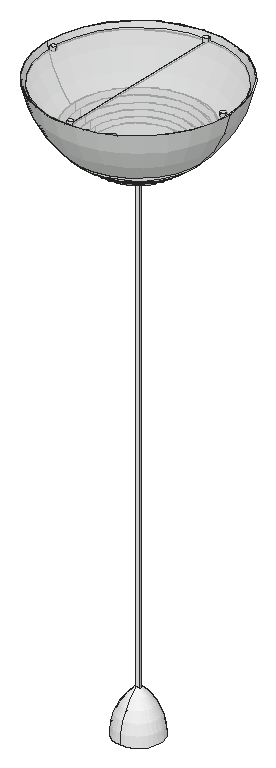
Revit family "AJ Royal 370", category Lighting Fixtures, host Face, Revit 2019
Family settings
  Host = Face
  Round Connector Dimension = Use Diameter
  Part Type = Normal
  Cut with Voids When Loaded = No
  Light Source = Yes
  Shared = No
  Room Calculation Point = No
Parameters
  Width = 0 mm
  Weight (Kg) = 0
  Wattage = 96 W
  built-in parameter 1150110 = 1 (stored number, unit not read)
  Voltage (US Only) = 0 V
  Trim and Accessories = ""
  built-in parameter 1114217 = 1 (stored number, unit not read)
  Tilt Angle = -90.00°
  built-in parameter 1150109 = 1 (stored number, unit not read)
  built-in parameter 1150134 = 3
  Suspension Height [instance] = 1000 mm
  built-in parameter 1150113 = 1 (stored number, unit not read)
  Reflector Finish = Default
  Product Documentation Link = ""
  Product Code = "x"
  Product Category = "Pendant"
  Power Factor (US Only) = 0
  Photometric Web File = "generic"
  Option = ""
  Number of Poles (US Only) = 0
  built-in parameter 1150142 = (empty or 0)
  Manufacturer = "Louis Poulsen Lighting"
  built-in parameter 1150105 = 267.38 (stored number, unit not read)
  Lumens = 3360 lm
  built-in parameter 1150115 = 1 (stored number, unit not read)
  Lighting Technique = ""
  built-in parameter 1150137 = (empty or 0)
  built-in parameter 1150139 = (empty or 0)
  Length = 0 mm
  built-in parameter 1150112 = 1 (stored number, unit not read)
  built-in parameter 1150114 = 1 (stored number, unit not read)
  Lamp = "x"
  Insulation Class (Not US) = ""
  built-in parameter 1150132 = 2
  built-in parameter 1150102 = (empty or 0)
  built-in parameter 1150107 = 3200 (stored number, unit not read)
  built-in parameter 1150138 = (empty or 0)
  built-in parameter 1150106 = 2.6738 (stored number, unit not read)
  IP (Not US) = ""
  IK (Not US - Outdoor only) = ""
  Height = 0 mm
  Efficiency (Lm/W) = ""
  built-in parameter 1150104 = 3.2516 (stored number, unit not read)
  Drawn By = "Louis Poulsen Lighting"
  Dimming Lamp Color Temperature Shift = <None>
  Designer = ""
  Description = "x"
  Default Elevation = 1000 mm
  Cut-off = "N/A"
  Color Filter = 16777215
  CRI = ""
  Build-in height = ""
  Bug Rating (US Outdoor Only) = "N/A"
  Body Finish = Louis Poulsen - Panel White - 020
  built-in parameter 1114218 = 1 (stored number, unit not read)
  built-in parameter 1150133 = 10 (stored number, unit not read)
Reference planes
  plane 1 "Center (Front/Back)": y = 0
  plane 2: z = 0
  plane 3 "Center (Left/Right)": x = 0
  plane 4 "Suspension height Ref Level": z = 1000
Forms (mm)
  Revolve 1, solid, material "Louis Poulsen - Panel White - 020" <- "Body Finish"
    sketch origin (0, 0, 0) x (1, 0, 0) y (0, 0, 1)
      loop
        line (185.278, 1177.376) -> (183.951, 1177.376)
        arc (183.951, 1177.376) -> (163.588, 1120.797) -> (128.002, 1072.327) r 209.646
        line (128.002, 1072.327) -> (128.002, 1089.376) -> (126.702, 1089.376) -> (126.702, 1070.376) -> (127.899, 1070.376)
        arc (127.899, 1070.376) -> (164.453, 1119.658) -> (185.278, 1177.376) r 210.946
      loop
        line (116.98, 1081.476) -> (116.98, 1059.976) -> (117.9, 1059.976) -> (117.9, 1081.476) -> (116.98, 1081.476)
      loop
        line (106.992, 1073.476) -> (106.992, 1051.976) -> (107.9, 1051.976) -> (107.9, 1073.476) -> (106.992, 1073.476)
      loop
        line (96.976, 1065.976) -> (96.976, 1044.476) -> (97.9, 1044.476) -> (97.9, 1065.976) -> (96.976, 1065.976)
      loop
        line (86.978, 1059.276) -> (86.978, 1037.776) -> (87.9, 1037.776) -> (87.9, 1059.276) -> (86.978, 1059.276)
      loop
        line (79.982, 1052.396) -> (78.682, 1052.396) -> (78.682, 1032.176)
        arc (78.682, 1032.176) -> (40.254, 1019.078) -> (0, 1013.801) r 205.246
        line (0, 1013.801) -> (0, 1012.5)
        arc (0, 1012.5) -> (40.631, 1017.831) -> (79.409, 1031.078) r 206.546
        arc (79.409, 1031.078) -> (79.827, 1031.453) -> (79.982, 1031.991) r 1.014
        line (79.982, 1031.991) -> (79.982, 1052.396)
      axis (0, 1177.376) -> (0, 1012.5)
    angle from 0 to 360
  Revolve 2, solid, material "Louis Poulsen Afskaermning klar"
    sketch origin (0, 0, 0) x (0, 1, 0) y (0, 0, 1)
      loop
        line (0, 1165.876) -> (0, 1169.876) -> (-176, 1169.876) -> (-176, 1165.876) -> (0, 1165.876)
      axis (0, 1165.876) -> (0, 1169.876)
    angle from 0 to 360
  Extrusion 3, solid, material "Louis Poulsen - Panel White - 020" <- "Body Finish"
    sketch origin (0, 0, 1169.876) x (-1, 0, 0) y (0, -1, 0)
      loop
        circle (170.008, 0) r 5
      loop
        circle (0, -169.958) r 5
      loop
        circle (-169.983, 0) r 5
      loop
        circle (0, 170.049) r 5
    from 0 to 6
  Revolve 4, solid, material "Louis Poulsen - Panel White - 020" <- "Body Finish"
    sketch origin (0, 0, 0) x (1, 0, 0) y (0, 0, 1)
      loop
        line (0, 1012.5) -> (0, 1000) -> (5.383, 1000)
        arc (5.383, 1000) -> (6.173, 1000.327) -> (6.5, 1001.118) r 1.118
        line (6.5, 1001.118) -> (6.5, 1010.5) -> (8.5, 1010.5) -> (8.5, 1012.5) -> (0, 1012.5)
      axis (0, 1012.5) -> (0, 1000)
    angle from 0 to 360
  Extrusion 5, solid, material "Louis poulsen Ledningshvid"
    sketch origin (0, 0, 0) x (1, 0, 0) y (0, 1, 0)
      loop
        circle (0, 0) r 4
    from 0 to 1000
  Revolve 6, solid, material "louis Poulsen Baldakin hvid"
    sketch origin (0, 0, 0) x (0, 1, 0) y (0, 0, 1)
      loop
        arc (45.049, 0) -> (34.326, 48.092) -> (4.107, 87.011) r 112.682
        line (4.107, 87.011) -> (4.107, 85.71)
        arc (4.107, 85.71) -> (33.597, 47.291) -> (44.049, 0) r 111.682
        line (44.049, 0) -> (45.049, 0)
      axis (0, 0) -> (0, 87.011)
    angle from 0 to 360
Dimensions and locks
  "Suspension Height": plane 4 "Suspension height Ref Level" to level
  aligned and locked: plane 2 to host face
  aligned and locked: level to host face
  aligned and locked: plane 4 "Suspension height Ref Level" to Extrusion 5
  aligned and locked: imposter light to Revolve 1
Automatic sketch dimensions
  host sketch curve to host sketch curve = 393.247 mm
  host sketch curve to host sketch curve = 394.027 mm
  Revolve 1 sketch curve to Revolve 1 sketch curve = 0 mm  (x4)
  Revolve 1 sketch curve to plane 3 "Center (Left/Right)" = 0 mm  (x2)
  Revolve 1 sketch curve to plane 3 "Center (Left/Right)" = 6.422 mm
  Revolve 1 sketch curve to Revolve 1 sketch curve = 15.028 mm
  plane 3 "Center (Left/Right)" to Revolve 1 sketch curve = 78.682 mm
  Revolve 1 sketch curve to Revolve 1 sketch curve = 0.286 mm
  Revolve 1 sketch curve to Revolve 1 sketch curve = 1.3 mm
  Revolve 1 sketch curve to Revolve 1 sketch curve = 6.997 mm
  Revolve 1 sketch curve to Revolve 1 sketch curve = 0.922 mm
  Revolve 1 sketch curve to Revolve 1 sketch curve = 9.076 mm
  Revolve 1 sketch curve to Revolve 1 sketch curve = 0.924 mm
  Revolve 1 sketch curve to Revolve 1 sketch curve = 9.092 mm
  Revolve 1 sketch curve to Revolve 1 sketch curve = 0.908 mm
  Revolve 1 sketch curve to Revolve 1 sketch curve = 9.08 mm
  Revolve 1 sketch curve to Revolve 1 sketch curve = 0.92 mm
  Revolve 1 sketch curve to Revolve 1 sketch curve = 8.802 mm
  Revolve 1 sketch curve to Revolve 1 sketch curve = 1.197 mm
  Revolve 1 sketch curve to Revolve 1 sketch curve = 0.103 mm
  Revolve 1 sketch curve to Revolve 1 sketch curve = 55.949 mm
  Revolve 1 sketch curve to Revolve 1 sketch curve = 1.327 mm
  plane 4 "Suspension height Ref Level" to Revolve 1 sketch curve = 12.5 mm
  Revolve 1 sketch curve to Revolve 1 sketch curve = 1.301 mm
  Revolve 1 sketch curve to Revolve 1 sketch curve = 18.191 mm
  Revolve 1 sketch curve to Revolve 1 sketch curve = 0.184 mm
  Revolve 1 sketch curve to Revolve 1 sketch curve = 5.784 mm
  Revolve 1 sketch curve to Revolve 1 sketch curve = 6.7 mm  (x2)
  Revolve 1 sketch curve to Revolve 1 sketch curve = 7.5 mm  (x2)
  Revolve 1 sketch curve to Revolve 1 sketch curve = 14.62 mm
  Revolve 1 sketch curve to Revolve 1 sketch curve = 6.88 mm
  Revolve 1 sketch curve to Revolve 1 sketch curve = 8 mm  (x2)
  Revolve 1 sketch curve to Revolve 1 sketch curve = 10.4 mm
  Revolve 1 sketch curve to Revolve 1 sketch curve = 1.951 mm
  Revolve 1 sketch curve to Revolve 1 sketch curve = 7.9 mm
  Revolve 1 sketch curve to plane 4 "Suspension height Ref Level" = 5.724 mm
  Revolve 1 sketch curve to Revolve 1 sketch curve = 34.67 mm
  Revolve 2 sketch curve to plane 1 "Center (Front/Back)" = 0 mm  (x2)
  plane 1 "Center (Front/Back)" to Revolve 2 sketch curve = 176 mm
  plane 4 "Suspension height Ref Level" to Revolve 2 sketch curve = 165.876 mm
  Revolve 2 sketch curve to Revolve 2 sketch curve = 4 mm
  Revolve 2 sketch curve to Revolve 2 sketch curve = 5.986 mm
  Revolve 2 sketch curve to Revolve 2 sketch curve = 13.316 mm
  Extrusion 3 sketch curve to Revolve 2 = 0 mm  (x2)
  Revolve 2 to Extrusion 3 sketch curve = 169.983 mm
  Extrusion 3 sketch curve to Revolve 2 = 170.008 mm
  Extrusion 3 sketch curve to Extrusion 3 sketch curve = 169.958 mm  (x2)
  Extrusion 3 sketch curve to Extrusion 3 sketch curve = 170.049 mm
  Revolve 4 sketch curve to plane 3 "Center (Left/Right)" = 0 mm  (x2)
  Revolve 4 sketch curve to plane 4 "Suspension height Ref Level" = 0 mm
  plane 3 "Center (Left/Right)" to Revolve 4 sketch curve = 5.383 mm
  Revolve 4 sketch curve to Revolve 4 sketch curve = 1.118 mm
  Revolve 4 sketch curve to Revolve 4 sketch curve = 2 mm  (x2)
  Revolve 4 sketch curve to Revolve 4 sketch curve = 9.382 mm
  Revolve 4 sketch curve to plane 4 "Suspension height Ref Level" = 3.67 mm
  Revolve 4 sketch curve to Revolve 4 sketch curve = 3.404 mm
  plane 1 "Center (Front/Back)" to Extrusion 5 sketch curve = 0 mm
  Extrusion 5 sketch curve to plane 3 "Center (Left/Right)" = 0 mm
  Revolve 6 sketch curve to Revolve 6 sketch curve = 0 mm  (x2)
  Revolve 6 sketch curve to plane 1 "Center (Front/Back)" = 0 mm
  Revolve 6 sketch curve to level = 0 mm
  level to Revolve 6 sketch curve = 0.116 mm
  plane 1 "Center (Front/Back)" to Revolve 6 sketch curve = 67.633 mm
  Revolve 6 sketch curve to plane 1 "Center (Front/Back)" = 4.107 mm
  Revolve 6 sketch curve to plane 1 "Center (Front/Back)" = 44.049 mm
  Revolve 6 sketch curve to Revolve 6 sketch curve = 1 mm
  Revolve 6 sketch curve to level = 15 mm
  Revolve 6 sketch curve to Revolve 6 sketch curve = 7.989 mm
  radius of Extrusion 3 sketch curve = 5 mm  (x4)
  radius of Extrusion 5 sketch curve = 4 mm
Nested families
  nested 1: "LP-Revit-Annotation" at (0, 0, 0), type "LP-Revit-Annotation"
Connectors
  electrical at (0, 0, 0)
    settings: index 1, voltage 0 V, apparent load 0 VA, apparent load phase1 0 VA, apparent load phase2 0 VA, apparent load phase3 0 VA, power factor 1, load classification "Other", number of poles 1, system type 31, power factor state 1, is connector primary yes, connector utility no, sub classification motor no, connector description ""
Definition of nested family "LP-Revit-Annotation"
  Reference planes
    plane 1: y = 0
    plane 2: x = 0
  Lines and regions (mm)
    detail lines
      curve 1: circle (0, 0, 0) r 2.5 normal (0, 0, 1)
      curve 2: line (-1.768, -1.768, 0) -> (1.768, 1.768, 0)
      curve 3: line (-1.768, 1.768, 0) -> (1.768, -1.768, 0)
  Dimensions and locks
    radius of curve 1 = 2.5 mm
